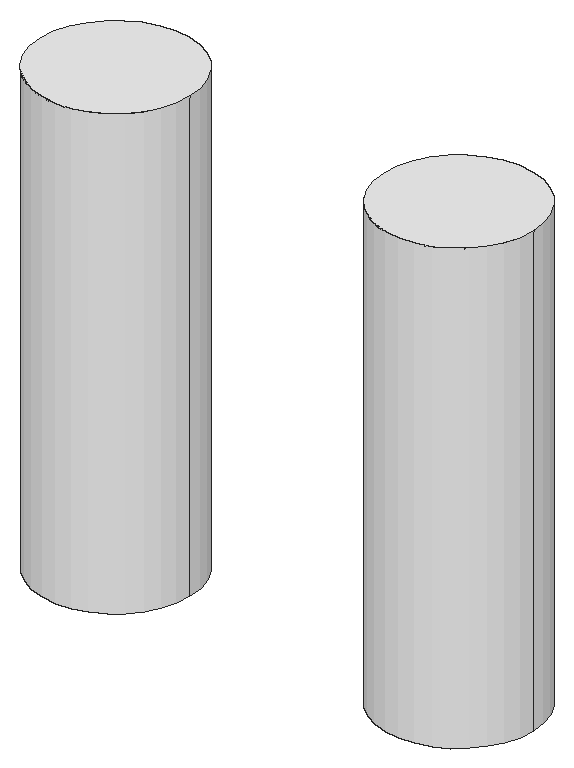
Revit family "46132209(2023)", category Plumbing Fixtures, Revit 2020
Family settings
  Round Connector Dimension = Use Diameter
  Part Type = Normal
  OmniClass Number = 23.45.55.00
  OmniClass Title = Sanitary Faucets, Wastes
  Work Plane-Based = No
  Always vertical = Yes
  Cut with Voids When Loaded = No
  Shared = No
  Room Calculation Point = No
Parameters (values of type "46132209 Kitchen faucet, 3 V, Bluetooth")
  Working Pressure = "50 - 1000 kPa"
  WarrantyStartDate [instance] = "n/a"
  WarrantyGuarantorParts = "n/a"
  WarrantyGuarantorLabor = "n/a"
  WarrantyDurationUnit = "Year"
  WarrantyDurationParts = "n/a"
  WarrantyDurationLabor = "n/a"
  WarrantyDescription = "http://warranty.hansa.com"
  Warranty Information URL = "http://warranty.hansa.com"
  VersionDate = "01/06/2023"
  Version = "1"
  ValvePattern = "n/a"
  ValveOperation = "n/a"
  ValveMechanism = "n/a"
  Uniclass2015Reference = "Pr_40_20_87_96"
  Uniclass2015Description = "Washbasin manual water supply sets"
  Uniclass2 = "Pr_40_30_96_96"
  URL WEEE = "http://static.hansa.com/WEEE/46132209"
  URL UWL = "http://static.hansa.com/UWL/46132209"
  URL REACH = "http://static.hansa.com/doc/reach"
  URL EcoLabel Declaration = "http://static.hansa.com/doc/EcoLabel"
  URL EU Packaging Declaration = "http://static.hansa.com/doc/packaging"
  URL Declaration of SCIP = "http://static.hansa.com/doc/SCIP"
  URL Declaration of Conformity = "http://static.hansa.com/DoC/46132209"
  URL Declaration of Asbestos = "http://static.hansa.com/doc/asbestos"
  URL Declaration Of Performance (DOP) = "http://static.hansa.com/doc/DoP"
  URL = ""
  UNSPSC Class Number = "30181700 Faucets or taps"
  TestPressure = "n/a"
  Temperature Adjustments = "Limitation option for maximum temperature and flow-rate "
  Technical DataSheet URL = "http://www.hansa.com/datasheet/46132209/en"
  TagNumber [instance] = "n/a"
  SustainabilityPerformance = "n/a"
  Surface treatment = "Chrome"
  Spout Type = "Swivel spout;Swivel range limiting option;Profile construction"
  Spout Swivel Range = "120° (80°/40°)"
  Spout Projection = "214 mm"
  Size = "55x255x185 mm"
  Shape = "Sculptured"
  SerialNumber [instance] = "n/a"
  Revision = "n/a"
  ReplacementCost = "n/a"
  Protection Class = "IP 55"
  ProductInformation = "n/a"
  Product URL = "http://static.hansa.com/46132209"
  Product Image URL = "http://static.hansa.com/image/46132209"
  Product Family = "HANSACARE Hybrid"
  Product Code = "46132209"
  Pressure Loss With Flow 02ls = 195000.0 Pa
  OperatingMechanismMaterial = "n/a"
  Operating Voltage = 39 V
  NominalWidth = 53.956 mm
  NominalHeight = 183.495 mm
  NominalDepth = 253.96 mm
  Noise Class = "I (ISO 3822) "
  Name_en = "46132209 Kitchen faucet, 3 V, Bluetooth"
  Name = "46132209 Kitchen faucet, 3 V, Bluetooth"
  NBSReference = "45-35-70/371"
  NBSDescription = "Water supply fittings for wash basins and troughs"
  Mounting Holes = "1 hole"
  ModelReference = "46132209"
  ModelNumber = "n/a"
  Model = "46132209 Kitchen faucet, 3 V, Bluetooth"
  Mobile Product Information URL = "http://mpi.hansa.com/46132209"
  Mechanical Parts = "ø 40 mm ceramic cartridge for flow and temperature control"
  Max. Hot Water Supply = 70 °C
  Max Flow Period = "10 s(1 - 1800 s)"
  Material = "Brass"
  Market = "International;Germany;Austria;Switzerland;Belgium;Netherlands;Italy"
  ManufacturerURL = "http://www.hansa.com"
  ManufacturerName = "HANSA"
  Manufacturer = "HANSA"
  Long Marketing = "Care Hybrid series is giving you a whole new modern design to fit into any kitchen. Lever can easily be moved by using the backside of the hand and with our intelligent touchless functions build into same faucet it also supports hygiene operation without any touch needed."
  Lever Handle = "Single operating lever/handle;Hot/Cold symbols"
  Interactive AR View URL = "https://static.hansa.com/AR/46132209"
  InstallationDate [instance] = "n/a"
  Installation and Maintenance Guide URL = "http://static.hansa.com/manual/46132209"
  Installation Type = "Deck mounted"
  InletConnectionSize = 10 mm
  IfcExportType = "FAUCET"  # constant formula
  IfcExportAs = "IfcValveType"  # constant formula
  Group = "Kitchen faucet"
  Grade = "n/a"
  FlowCoefficient = 0
  Flow Rate At 300kPa = 0.02 L/s
  Flow Drawing URL = "http://static.hansa.com/flowchart/46132209"
  Finish = "Polished"
  Features = "Hybrid;Bluetooth®"
  FaucetMainMaterial = Brass
  FDV Document URL = "http://www.hansa.com/datasheet/46132209/en/fdv"
  ExpectedLife = "n/a"
  Electronic Parts = ";Solenoid valve;Low battery indicator"
  Electrical Connection = "9 V"
  ETIM Class Number = "EC011431 Kitchen mixing tap"
  EN Standard = "EN 817, EN 15091"
  EMC Directive = "2014/53/EU , 2011/65/EU"
  EAN Number = "4057304019654"
  DurationUnit = "Year"
  Dimension Drawing URL = "http://static.hansa.com/dimdrw/46132209"
  Description = ""
  DefaultElevation [instance] = 900 mm
  Default Elevation = 0 mm
  Constituents = "n/a"
  Connection Size = "G3/8"
  Connection = "Flexible inlet pipes"
  Color = "Chrome"
  CodePerformance = "n/a"
  CloseOffRating = 0
  Catalog Drawing URL = "http://static.hansa.com/catdrw/46132209"
  Brand = "HANSA"
  BodyMaterial = "Brass"
  Bluetooth = "5.x (D060576)"
  Battery = "AA 1.5 V Lithium x 2"
  Barcode [instance] = "n/a"
  Backflow Prevention EN1717 = "AA"
  BIMObjectName = "46132209(2023)"
  Automatic Flush Period = "30 s (1-1800 s)"
  Automatic Flush Frequency = "off (off/1-120 h)"
  Author = "BIMStone"
  AssetType = "Fixed"
  AssetIdentifier [instance] = "n/a"
  Aerator = "Laminar stream"
  Advanced Features = "Inner body made of DZR brass;3S-installation system for safe and simple mounting"
  AccessibilityPerformance = "n/a"
  3D View = "https://static.hansa.com/AR/46132209"
  2D/3D/BIM Files URL = "http://static.hansa.com/bim/46132209"
Reference planes
  plane 1 "Center (Front/Back)": y = 0
  plane 2: z = 0
  plane 3 "Center (Left/Right)": x = 0
  plane 4: x = -26.978
  plane 5: z = 1083.495
  plane 6: z = 900
  plane 7: z = 870
  plane 8: y = -253.96
  plane 9: x = 26.978
Forms (mm)
  Extrusion 1, solid, material "Brass" <- "FaucetMainMaterial"
    sketch origin (0, -2.278, 0) x (1, 0, 0) y (0, 1, 0)
      loop
        circle (-11.5, -22.5) r 5
      loop
        circle (11.5, -22.5) r 5
    from 870 to 900
Dimensions and locks
  "NominalHeight": plane 5 to plane 6
  "DefaultElevation": plane 6 to level
  locked: plane 6 to plane 7 at 30
  "NominalDepth": plane 8 to plane 1 "Center (Front/Back)"
  equal spacing: plane 4, plane 3 "Center (Left/Right)", plane 9
  "NominalWidth": plane 4 to plane 9
  "InletConnectionSize": diameter of Extrusion 1 sketch curve  (x2)
  aligned and locked: level to plane 2
  aligned and locked: plane 6 to Extrusion 1
  aligned and locked: Extrusion 1 to plane 7
  aligned and locked: nested 2 to plane 6
Automatic sketch dimensions
  Extrusion 1 sketch curve to plane 3 "Center (Left/Right)" = 11.5 mm
  plane 3 "Center (Left/Right)" to Extrusion 1 sketch curve = 11.5 mm
  plane 1 "Center (Front/Back)" to Extrusion 1 sketch curve = 24.778 mm
  Extrusion 1 sketch curve to Extrusion 1 sketch curve = 0 mm
Nested families
  nested 1: "Symbol" at (0, 0, 0), type "Symbol", detail levels coarse
  nested 2: "46132209(2023)_Body" at (0, 0, 900), type "46132209(2023)_Body"
Connectors
  piping at (-11.5, -24.778, 870), diameter 10, driven by "InletConnectionSize"
    settings: on Extrusion 1, index 1, connector inside diameter 609.6 mm, connector length 0 mm, flow factor 0, pipe flow 0.2 L/s, pressure drop 0.0 Pa, fitting loss kfactor 0, connector angle 0.00°, fixture units 0, engagement length 0 mm, angle of deflection 0.00°, flow configuration 1, flow direction 1, fitting loss method 0, system type 19, joint type 0, gender type 0, connector reference index -1, connector utility 0, adjustable connector no, is connector primary yes, connector description ""
  piping at (11.5, -24.778, 870), diameter 10, driven by "InletConnectionSize"
    settings: on Extrusion 1, index 2, connector inside diameter 609.6 mm, connector length 0 mm, flow factor 0, pipe flow 0.2 L/s, pressure drop 0.0 Pa, fitting loss kfactor 0, connector angle 0.00°, fixture units 0, engagement length 0 mm, angle of deflection 0.00°, flow configuration 1, flow direction 1, fitting loss method 0, system type 20, joint type 0, gender type 0, connector reference index -1, connector utility 0, adjustable connector no, is connector primary no, connector description ""
Definition of nested family "Symbol"
  Reference planes
    plane 1: y = 0
    plane 2: x = 0
  Lines and regions (mm)
    detail lines
      curve 1: line (0, 0, 0) -> (0, -1.8, 0)
      curve 2: line (-0.4, -1.1, 0) -> (0.4, -1.1, 0)
      curve 3: line (-0.4, -1.4, 0) -> (0.4, -1.4, 0)
      curve 4: line (0.863, 0, 0) -> (-0.863, 0, 0)
      curve 5: circle (-1.163, 0, 0) r 0.3 normal (0, 0, -1)
      curve 6: circle (1.163, 0, 0) r 0.3 normal (0, 0, 1)
Definition of nested family "46132209(2023)_Body"
  Parameters (values of type "5730FZ(2023)_Body")
    Material [instance] = none
    Default Elevation = 0 mm
  Reference planes
    plane 1 "Center (Front/Back)": y = 0
    plane 2: z = 0
    plane 3 "Center (Left/Right)": x = 0
    plane 4: y = -253.96
    plane 5: z = 183.495
    plane 6: x = -26.978
    plane 7: x = 26.978
  Forms (mm)
    Extrusion 1, solid, material <- "Material", detail levels coarse
      sketch origin (0, 0, 0) x (1, 0, 0) y (0, 1, 0)
        loop
          line (-26.978, 0) -> (-26.978, -253.96) -> (26.978, -253.96) -> (26.978, 0) -> (-26.978, 0)
      from 0 to 183.495
    Revolve 2, solid, material <- "Material", detail levels medium
      sketch origin (0, 0, 0) x (0, 1, 0) y (0, 0, 1)
        loop
          line (-26.864, 0) -> (0, 0) -> (-0.372, 87.173)
          arc (-0.372, 87.173) -> (-0.769, 100.685) -> (-1.847, 114.16) r 268.569
          arc (-1.847, 114.16) -> (-3.879, 119.546) -> (-8.288, 123.248) r 11.376
          line (-8.288, 123.248) -> (-1.82, 123.248)
          arc (-1.82, 123.248) -> (-4.138, 145.857) -> (-11.634, 167.313) r 97.354
          line (-11.634, 167.313) -> (-26.864, 167.313) -> (-26.864, 0)
        axis (-26.864, 167.313) -> (-26.864, 0)
      angle from 0 to 360
    Extrusion 3, void
      sketch origin (0, 0, 0) x (0, 1, 0) y (0, 0, 1)
        loop
          arc (-24.629, 156.082) -> (-11.729, 152.07) -> (0, 145.366) r 62.175
          line (0, 145.366) -> (0, 183.495) -> (-55.928, 183.495) -> (-55.928, 160.044)
          arc (-55.928, 160.044) -> (-40.212, 158.586) -> (-24.629, 156.082) r 236.248
      from -26.978 to 26.978
    Extrusion 4, solid, material <- "Material", detail levels medium
      sketch origin (0, 0, 0) x (0, 1, 0) y (0, 0, 1)
        loop
          arc (-55.928, 160.044) -> (-80.334, 161.701) -> (-104.707, 163.786) r 1398.301
          arc (-104.707, 163.786) -> (-114.22, 165.695) -> (-123.133, 169.528) r 46.718
          arc (-123.133, 169.528) -> (-128.218, 172.581) -> (-133.108, 175.939) r 97.193
          arc (-133.108, 175.939) -> (-133.918, 176.151) -> (-134.653, 175.752) r 1.139
          line (-134.653, 175.752) -> (-135.159, 175.15)
          arc (-135.159, 175.15) -> (-135.746, 173.289) -> (-134.845, 171.558) r 2.549
          arc (-134.845, 171.558) -> (-126.657, 165.707) -> (-117.662, 161.194) r 64.826
          arc (-117.662, 161.194) -> (-113.163, 159.611) -> (-108.531, 158.475) r 48.715
          arc (-108.531, 158.475) -> (-69.508, 152.791) -> (-30.125, 150.779) r 421.461
          line (-30.125, 150.779) -> (-30.125, 157.088)
          arc (-30.125, 157.088) -> (-42.986, 158.92) -> (-55.928, 160.044) r 236.248
      from -18.979 to 19
    Extrusion 5, solid, material <- "Material", detail levels medium
      sketch origin (0, 0, 0) x (0, 1, 0) y (0, 0, 1)
        loop
          line (-200.966, 145.976) -> (-35.306, 46.437) -> (-35.306, 86.385)
          arc (-35.306, 86.385) -> (-54.335, 86.132) -> (-72.361, 92.234) r 56.294
          line (-72.361, 92.234) -> (-194.277, 165.488)
          arc (-194.277, 165.488) -> (-204.696, 171.061) -> (-215.62, 175.566) r 118.322
          line (-215.62, 175.566) -> (-245.081, 183.396)
          arc (-245.081, 183.396) -> (-247.33, 183.098) -> (-248.714, 181.3) r 2.974
          line (-248.714, 181.3) -> (-253.941, 162.039)
          arc (-253.941, 162.039) -> (-253.892, 161.658) -> (-253.588, 161.425) r 0.5
          line (-253.588, 161.425) -> (-225.567, 153.917)
          arc (-225.567, 153.917) -> (-225.188, 153.967) -> (-224.955, 154.27) r 0.5
          line (-224.955, 154.27) -> (-224.688, 155.266)
          arc (-224.688, 155.266) -> (-223.673, 156.515) -> (-222.065, 156.589) r 1.969
          arc (-222.065, 156.589) -> (-211.274, 151.762) -> (-200.966, 145.976) r 130.15
      from -15 to 15
    Extrusion 6, solid, material <- "Material", detail levels medium
      sketch origin (0, -226.526, 154.174) x (0, 0.965926, -0.258819) y (1, 0, 0)
        loop
          circle (-13.404, 0) r 12
      from 0 to 4.105
    Extrusion 7, solid, detail levels medium
      sketch origin (0, 0, 0) x (1, 0, 0) y (0, 0, 1)
        loop
          arc (-1.011, 36.649) -> (-5.356, 34.741) -> (-7.142, 30.344) r 6.307
          line (-7.142, 30.344) -> (-7.142, 17.888)
          arc (-7.142, 17.888) -> (-5.333, 13.467) -> (-0.943, 11.583) r 6.306
          line (-0.943, 11.583) -> (0.943, 11.583)
          arc (0.943, 11.583) -> (5.332, 13.468) -> (7.14, 17.888) r 6.306
          line (7.14, 17.888) -> (7.14, 30.344)
          arc (7.14, 30.344) -> (5.407, 34.791) -> (1.011, 36.649) r 6.132
          line (1.011, 36.649) -> (-1.011, 36.649)
      from 50.554 to 54.562
  Cuts and joins
    Extrusion 3 cuts Revolve 2
    joined: Revolve 2, Extrusion 4, Extrusion 5, Extrusion 6
  Lines and regions (mm)
    symbolic lines, detail levels medium+fine
      curve 1: line (0, 0, 0) -> (0, -0.372, 87.173)
      curve 2: arc (0, -0.372, 87.173) -> (0, -0.769, 100.685) -> (0, -1.847, 114.16) r 268.569
      curve 3: arc (0, -1.847, 114.16) -> (0, -1.977, 114.408) -> (0, -2.241, 114.5) r 0.381
      curve 4: line (0, -2.241, 114.5) -> (0, -2.84, 114.5)
      curve 5: arc (0, -8.288, 123.248) -> (0, -5.236, 119.222) -> (0, -2.594, 114.915) r 51.312
      curve 6: arc (0, -2.594, 114.915) -> (0, -2.599, 114.638) -> (0, -2.84, 114.5) r 0.281
      curve 7: line (0, -8.288, 123.248) -> (0, -2.3, 123.248)
      curve 8: arc (0, -4.528, 147.539) -> (0, -2.436, 135.717) -> (0, -1.814, 123.728) r 97.354
      curve 9: arc (0, -1.814, 123.728) -> (0, -1.958, 123.388) -> (0, -2.3, 123.248) r 0.485
      curve 10: arc (0, -5.629, 149.007) -> (0, -4.927, 148.387) -> (0, -4.528, 147.539) r 2.319
      curve 11: arc (0, -24.629, 156.082) -> (0, -14.839, 153.324) -> (0, -5.629, 149.007) r 62.175
      curve 12: arc (0, -55.928, 160.044) -> (0, -40.212, 158.586) -> (0, -24.629, 156.082) r 236.248
      curve 13: arc (0, -104.707, 163.786) -> (0, -80.334, 161.701) -> (0, -55.928, 160.044) r 1398.301
      curve 14: arc (0, -123.133, 169.528) -> (0, -114.22, 165.695) -> (0, -104.707, 163.786) r 46.718
      curve 15: arc (0, -133.108, 175.939) -> (0, -128.218, 172.581) -> (0, -123.133, 169.528) r 97.193
      curve 16: line (0, -134.653, 175.752) -> (0, -135.159, 175.15)
      curve 17: arc (0, -134.653, 175.752) -> (0, -133.918, 176.151) -> (0, -133.108, 175.939) r 1.139
      curve 18: arc (0, -135.159, 175.15) -> (0, -135.746, 173.289) -> (0, -134.845, 171.558) r 2.549
      curve 19: arc (0, -134.845, 171.558) -> (0, -126.657, 165.707) -> (0, -117.662, 161.194) r 64.826
      curve 20: arc (0, -117.662, 161.194) -> (0, -113.163, 159.611) -> (0, -108.531, 158.475) r 48.715
      curve 21: arc (0, -108.531, 158.475) -> (0, -82.179, 154.229) -> (0, -55.611, 151.658) r 421.461
      curve 22: line (0, -49.963, 145.157) -> (0, -51.962, 118.732)
      curve 23: line (0, -49.186, 118.16) -> (0, -51.431, 118.16)
      curve 24: line (0, -51.135, 114.915) -> (0, -49.186, 118.16)
      curve 25: line (0, -51.498, 114.5) -> (0, -50.9, 114.5)
      curve 26: arc (0, -50.9, 114.5) -> (0, -51.139, 114.639) -> (0, -51.135, 114.915) r 0.274
      curve 27: arc (0, -55.611, 151.658) -> (0, -51.43, 149.586) -> (0, -49.963, 145.157) r 6.057
      curve 28: arc (0, -51.962, 118.732) -> (0, -51.821, 118.33) -> (0, -51.431, 118.16) r 0.532
      curve 29: line (0, 0, 0) -> (0, -53.728, 0)
      curve 30: line (0, -53.728, 0) -> (0, -53.483, 57.359)
      curve 31: arc (0, -53.356, 87.173) -> (0, -52.959, 100.682) -> (0, -51.882, 114.155) r 268.569
      curve 32: arc (0, -51.882, 114.155) -> (0, -51.756, 114.401) -> (0, -51.498, 114.5) r 0.386
      curve 33: line (0, -72.361, 92.234) -> (0, -197.944, 167.691)
      curve 34: line (0, -218.114, 176.229) -> (0, -245.081, 183.396)
      curve 35: line (0, -248.714, 181.3) -> (0, -253.953, 161.995)
      curve 36: arc (0, -245.081, 183.396) -> (0, -247.33, 183.098) -> (0, -248.714, 181.3) r 2.974
      curve 37: line (0, -253.632, 161.437) -> (0, -251.081, 160.753)
      curve 38: arc (0, -253.953, 161.995) -> (0, -253.908, 161.649) -> (0, -253.632, 161.437) r 0.454
      curve 39: line (0, -251.973, 157.422) -> (0, -251.081, 160.753)
      curve 40: line (0, -228.773, 151.254) -> (0, -227.893, 154.54)
      curve 41: line (0, -228.773, 151.254) -> (0, -230.168, 150.88)
      curve 42: line (0, -230.168, 150.88) -> (0, -251.072, 156.521)
      curve 43: line (0, -251.973, 157.422) -> (0, -251.072, 156.521)
      curve 44: line (0, -227.893, 154.54) -> (0, -225.838, 153.989)
      curve 45: line (0, -224.986, 154.154) -> (0, -224.688, 155.266)
      curve 46: line (0, -225.377, 154.259) -> (0, -224.986, 154.154)
      curve 47: arc (0, -225.838, 153.989) -> (0, -225.551, 154.028) -> (0, -225.377, 154.259) r 0.376
      curve 48: arc (0, -224.688, 155.266) -> (0, -223.673, 156.515) -> (0, -222.065, 156.589) r 1.969
      curve 49: arc (0, -222.065, 156.589) -> (0, -211.274, 151.762) -> (0, -200.966, 145.976) r 130.15
      curve 50: line (0, -200.966, 145.976) -> (0, -53.483, 57.359)
      curve 51: line (0, -53.361, 85.987) -> (0, -53.356, 87.173)
      curve 66: line (-26.978, 0, 0) -> (-26.547, 0, 87.353)
      curve 67: arc (-26.547, 0, 87.353) -> (-26.138, 0, 100.755) -> (-25.043, 0, 114.118) r 261.88
      curve 68: arc (-25.043, 0, 114.118) -> (-24.907, 0, 114.388) -> (-24.627, 0, 114.5) r 0.428
      curve 69: line (-24.627, 0, 114.5) -> (-23.998, 0, 114.5)
      curve 70: arc (-24.266, 0, 114.945) -> (-23.338, 0, 116.589) -> (-22.322, 0, 118.18) r 34.562
      curve 71: arc (-23.998, 0, 114.5) -> (-24.257, 0, 114.647) -> (-24.266, 0, 114.945) r 0.303
      curve 72: line (-22.322, 0, 118.18) -> (-23.991, 0, 118.18)
      curve 73: arc (-24.714, 0, 118.954) -> (-22.57, 0, 138.142) -> (-18.757, 0, 157.07) r 220.672
      curve 74: arc (-23.991, 0, 118.18) -> (-24.521, 0, 118.41) -> (-24.714, 0, 118.954) r 0.725
      curve 75: arc (-18.757, 0, 157.07) -> (-18.155, 0, 159.047) -> (-17.35, 0, 160.951) r 19.649
      curve 76: arc (-17.35, 0, 160.951) -> (-16.559, 0, 163.051) -> (-16.168, 0, 165.261) r 12.126
      curve 77: arc (-16.168, 0, 165.261) -> (-15.935, 0, 167.545) -> (-15.617, 0, 169.819) r 60.468
      curve 78: arc (-15.617, 0, 169.819) -> (-15.443, 0, 170.588) -> (-15.174, 0, 171.329) r 6.207
      curve 79: line (-15.174, 0, 171.329) -> (-15.004, 0, 177.489)
      curve 80: arc (-12.021, 0, 181.525) -> (0.134, 0, 183.495) -> (12.273, 0, 181.431) r 37.59
      curve 81: arc (-15.004, 0, 177.489) -> (-14.147, 0, 179.976) -> (-12.021, 0, 181.525) r 4.387
      curve 82: line (-26.978, 0, 0) -> (26.978, 0, 0)
      curve 83: line (26.978, 0, 0) -> (26.547, 0, 87.353)
      curve 84: arc (26.547, 0, 87.353) -> (26.138, 0, 100.757) -> (25.043, 0, 114.123) r 261.88
      curve 85: arc (24.266, 0, 114.945) -> (23.338, 0, 116.589) -> (22.322, 0, 118.18) r 34.562
      curve 86: line (22.322, 0, 118.18) -> (23.991, 0, 118.18)
      curve 87: arc (24.714, 0, 118.954) -> (22.57, 0, 138.142) -> (18.757, 0, 157.07) r 220.672
      curve 88: arc (23.991, 0, 118.18) -> (24.521, 0, 118.41) -> (24.714, 0, 118.954) r 0.725
      curve 89: arc (18.757, 0, 157.07) -> (18.155, 0, 159.047) -> (17.35, 0, 160.951) r 19.649
      curve 90: arc (17.35, 0, 160.951) -> (16.559, 0, 163.051) -> (16.168, 0, 165.261) r 12.126
      curve 91: arc (16.168, 0, 165.261) -> (15.935, 0, 167.545) -> (15.617, 0, 169.819) r 60.468
      curve 92: arc (15.617, 0, 169.819) -> (15.443, 0, 170.588) -> (15.174, 0, 171.329) r 6.207
      curve 93: line (15.174, 0, 171.329) -> (15.004, 0, 177.489)
      curve 94: arc (15.004, 0, 177.489) -> (14.225, 0, 179.866) -> (12.273, 0, 181.431) r 4.387
      curve 95: line (24.623, 0, 114.5) -> (23.998, 0, 114.5)
      curve 96: arc (25.043, 0, 114.123) -> (24.905, 0, 114.392) -> (24.623, 0, 114.5) r 0.422
      curve 97: arc (23.998, 0, 114.5) -> (24.257, 0, 114.647) -> (24.266, 0, 114.945) r 0.303
      curve 114: arc (19.507, -45.635, 0) -> (0, -0.022, 0) -> (-19.507, -45.635, 0) r 26.978
      curve 117: arc (-15.663, -127.355, 0) -> (-15.517, -128.413, 0) -> (-15.234, -129.443, 0) r 8.17
      curve 118: arc (19.507, -45.635, 0) -> (18.088, -86.519, 0) -> (15.663, -127.355, 0) r 1662.92
      curve 119: arc (15.663, -127.355, 0) -> (15.517, -128.413, 0) -> (15.234, -129.443, 0) r 8.17
      curve 120: line (-15.234, -129.443, 0) -> (-15.234, -238.721, 0)
      curve 121: line (15.234, -129.443, 0) -> (15.234, -238.721, 0)
      curve 122: arc (-15.234, -238.721, 0) -> (0, -253.955, 0) -> (15.234, -238.721, 0) r 15.234
      curve 125: arc (-19.507, -45.635, 0) -> (-18.088, -86.519, 0) -> (-15.663, -127.355, 0) r 1662.92
      curve 134: arc (0, -53.361, 85.987) -> (0, -63.211, 88.045) -> (0, -72.361, 92.234) r 45.136
      curve 135: arc (0, -197.944, 167.691) -> (0, -207.728, 172.67) -> (0, -218.114, 176.229) r 78.12
    symbolic lines, detail levels fine
      curve 52: arc (0, -53.483, 57.359) -> (0, -50.397, 61.236) -> (0, -48.91, 65.961) r 13.561
      curve 53: arc (0, -49.657, 83.195) -> (0, -48.572, 74.609) -> (0, -48.91, 65.961) r 52.634
      curve 54: arc (0, -53.361, 85.987) -> (0, -50.986, 85.285) -> (0, -49.657, 83.195) r 3.529
      curve 55: line (0, -2.84, 114.5) -> (0, -50.9, 114.5)
      curve 56: line (0, -49.186, 118.16) -> (0, -32.66, 118.16)
      curve 57: line (0, -8.288, 123.248) -> (0, -14.47, 123.248)
      curve 58: arc (0, -14.47, 123.248) -> (0, -19.263, 122.609) -> (0, -23.722, 120.736) r 18.292
      curve 59: arc (0, -32.66, 118.16) -> (0, -28.009, 118.817) -> (0, -23.722, 120.736) r 16.796
      curve 60: line (0, -227.893, 154.54) -> (0, -251.081, 160.753)
      curve 61: line (0, -228.773, 151.254) -> (0, -251.973, 157.422)
      curve 62: line (0, -0.394, 89.645) -> (0, -53.334, 89.645)
      curve 63: line (0, -0.372, 87.173) -> (0, -53.356, 87.173)
      curve 64: line (0, -53.546, 42.685) -> (0, -0.182, 42.685)
      curve 65: line (0, -53.551, 41.404) -> (0, -0.176, 41.404)
      curve 98: line (-15.174, 0, 171.329) -> (-15.174, 0, 79.566)
      curve 99: line (-5.657, 0, 56.584) -> (5.657, 0, 56.584)
      curve 100: line (15.174, 0, 171.329) -> (15.174, 0, 79.566)
      curve 101: arc (-15.174, 0, 79.566) -> (-15.313, 0, 74.489) -> (-15.729, 0, 69.428) r 92.745
      curve 102: arc (-15.729, 0, 69.428) -> (-13.313, 0, 60.952) -> (-5.657, 0, 56.584) r 11.669
      curve 103: arc (15.174, 0, 79.566) -> (15.313, 0, 74.489) -> (15.729, 0, 69.428) r 92.745
      curve 104: arc (15.729, 0, 69.428) -> (13.313, 0, 60.952) -> (5.657, 0, 56.584) r 11.669
      curve 105: spline (10.81, 0, 153.708) -> (10.442, 0, 154.438) -> (9.362, 0, 155.119) -> (7.644, 0, 155.703) -> (5.405, 0, 156.151) -> (2.798, 0, 156.433) -> (0, 0, 156.529) -> (-2.798, 0, 156.433) -> (-5.405, 0, 156.151) -> (-7.644, 0, 155.703) -> (-9.362, 0, 155.119) -> (-10.442, 0, 154.438) -> (-10.81, 0, 153.708) -> (-10.442, 0, 152.978) -> (-9.362, 0, 152.297) -> (-7.644, 0, 151.713) -> (-5.405, 0, 151.265) -> (-2.798, 0, 150.983) -> (0, 0, 150.887) -> (2.798, 0, 150.983) -> (5.405, 0, 151.265) -> (7.644, 0, 151.713) -> (9.362, 0, 152.297) -> (10.442, 0, 152.978) -> (10.81, 0, 153.708)
      curve 106: spline (11.007, 0, 155.077) -> (14.035, 0, 156.413) -> (14.995, 0, 157.962) -> (13.745, 0, 159.495) -> (10.47, 0, 160.787) -> (5.651, 0, 161.647) -> (0, 0, 161.949) -> (-5.651, 0, 161.647) -> (-10.47, 0, 160.787) -> (-13.745, 0, 159.495) -> (-14.995, 0, 157.962) -> (-14.035, 0, 156.413) -> (-11.007, 0, 155.077)
      curve 107: line (-11.007, 0, 158.935) -> (-11.007, 0, 153.108)
      curve 108: line (11.007, 0, 158.952) -> (11.007, 0, 153.108)
      curve 109: arc (-11.007, 0, 158.935) -> (-0.001, 0, 160.789) -> (11.007, 0, 158.952) r 33.746
      curve 110: arc (-11.007, 0, 153.108) -> (-10.323, 0, 152.744) -> (-9.619, 0, 152.421) r 12.811
      curve 111: arc (11.007, 0, 153.108) -> (10.323, 0, 152.744) -> (9.619, 0, 152.421) r 12.811
      curve 112: line (-15, 0, 157.857) -> (-15.174, 0, 162.828)
      curve 113: line (15, 0, 157.857) -> (15.174, 0, 162.828)
      curve 115: arc (-19.889, -19.296, 0) -> (-19.75, -32.466, 0) -> (-19.507, -45.635, 0) r 1662.92
      curve 116: arc (-9.311, -134.74, 0) -> (-0.006, -135.78, 0) -> (9.301, -134.754, 0) r 42.447
      curve 123: arc (-15.234, -129.443, 0) -> (-12.96, -132.86, 0) -> (-9.311, -134.74, 0) r 8.17
      curve 124: arc (15.234, -129.443, 0) -> (12.955, -132.864, 0) -> (9.298, -134.743, 0) r 8.17
      curve 126: arc (19.889, -19.296, 0) -> (19.75, -32.466, 0) -> (19.507, -45.635, 0) r 1662.92
      curve 127: arc (-12.217, -6.726, 0) -> (-17.842, -11.919, 0) -> (-19.889, -19.296, 0) r 13.983
      curve 128: arc (12.217, -6.726, 0) -> (17.842, -11.919, 0) -> (19.889, -19.296, 0) r 13.983
      curve 129: arc (12.217, -6.726, 0) -> (0, -3.812, 0) -> (-12.217, -6.726, 0) r 27.07
      curve 130: line (-23.998, 0, 114.5) -> (-15.174, 0, 114.5)
      curve 131: line (-22.322, 0, 118.18) -> (-15.174, 0, 118.18)
      curve 132: line (23.998, 0, 114.5) -> (15.174, 0, 114.5)
      curve 133: line (22.322, 0, 118.18) -> (15.174, 0, 118.18)
      curve 136: line (-7.142, 0, 30.344) -> (-7.142, 0, 17.888)
      curve 137: arc (-7.142, 0, 17.888) -> (-5.333, 0, 13.467) -> (-0.943, 0, 11.583) r 6.306
      curve 138: line (-0.943, 0, 11.583) -> (0.943, 0, 11.583)
      curve 139: arc (0.943, 0, 11.583) -> (5.332, 0, 13.468) -> (7.14, 0, 17.888) r 6.306
      curve 140: line (7.14, 0, 17.888) -> (7.14, 0, 30.344)
      curve 141: arc (7.14, 0, 30.344) -> (5.407, 0, 34.791) -> (1.011, 0, 36.649) r 6.132
      curve 142: line (1.011, 0, 36.649) -> (-1.011, 0, 36.649)
      curve 143: arc (-1.011, 0, 36.649) -> (-5.356, 0, 34.741) -> (-7.142, 0, 30.344) r 6.307
  Dimensions and locks
    aligned and locked: level to plane 2
